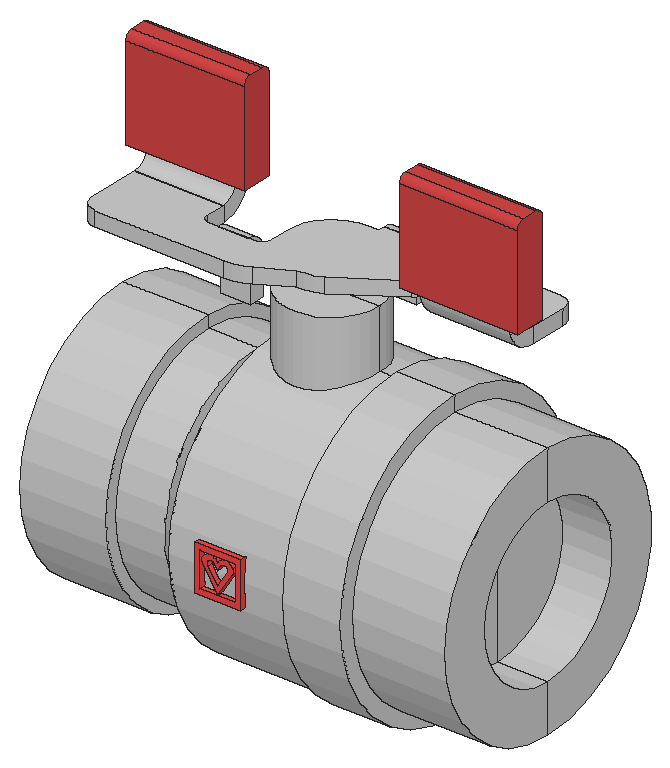
Revit family "HERZ Ball valve with T-handle (sheet steel) 2201", category Rohrzubehör, Revit 2019
Family settings
  Bemaßung runder Anschluss = Durchmesser verwenden
  Teiletyp = Unterbricht
  OmniClass-Nummer = 23.65.55.14
  OmniClass-Titel = Valves for Liquid Services
  Arbeitsebenenbasiert = Nein
  Immer vertikal = Ja
  Beim Laden mit Abzugskörper schneiden = Nein
  Gemeinsam genutzt = Nein
Parameters
  Weight [instance] = if(Nennweite = 15 mm, 0.17, if(Nennweite = 20 mm, 0.246, if(Nennweite = 25 mm, 0.458, if(Nennweite = 32 mm, 0.712, 0))))  # 0.712
  Spindle seals = "PTFE"  # constant formula
  Spindle = "machined brass according to EN 12164, CW614N"  # constant formula
  Part number [instance] = size_lookup("2201_3X_", "Artnr", 0, Nennweite)  # 1220134
  Min. operating temperature (water) = 0.5 °C  # constant formula
  Min. operating temperature = -30 °C  # constant formula
  Medium = "Heating water quality according to ÖNORM H5195 or VDI-Standard 2035.\r\nThe use of ethylene or propylene glycol in a mixing ratio 25- 50% is allowed."
  Max. operating temperature (water - no steam) = 110 °C  # constant formula
  Max. operating pressure (screw connection) = 1600000.0 Pa  # constant formula
  W01 = 135.00°  # constant formula
  URL = "www.herzvalves.com"
  SCRNSEQ = "ARM;ARM_TYP=\"ABVS\";2"
  SCRNCODE = "05;10;02"  # constant formula
  S02 [instance] = 2 * D01  # 51 mm
  S01 [instance] = L01 + L02 + L06  # 84.5 mm
  R01 [instance] = size_lookup("2201_3X_", "R1", 1 mm, Nennweite)  # 9.5 mm
  Nennweite [instance] = 32 mm
  Max. operating temperature = 150 °C  # constant formula
  Max. operating pressure = 2500000.0 Pa  # constant formula
  L06 [instance] = size_lookup("2201_3X_", "L6", 1 mm, Nennweite)  # 18.5 mm
  L05 [instance] = size_lookup("2201_3X_", "L5", 1 mm, Nennweite)  # 34.8 mm
  L04 [instance] = size_lookup("2201_3X_", "L4", 1 mm, Nennweite)  # 11.5 mm
  L03 [instance] = size_lookup("2201_3X_", "L3", 1 mm, Nennweite)  # 17 mm
  L02 [instance] = size_lookup("2201_3X_", "L2", 1 mm, Nennweite)  # 24.5 mm
  L01 [instance] = size_lookup("2201_3X_", "L1", 1 mm, Nennweite)  # 41.5 mm
  Internal threaded connectors = "according to ISO 228-1"  # constant formula
  IG [instance] = Nennweite / 2  # 16 mm
  Hersteller = "HERZ Armaturen Ges.m.b.H"  # constant formula
  Handle = "T-handle, red, sheet steel - plated"  # constant formula
  H01 [instance] = size_lookup("2201_3X_", "H1", 1 mm, Nennweite)  # 39 mm
  GT1 [instance] = size_lookup("2201_3X_", "GT1", 1 mm, Nennweite)  # 10 mm
  GT [instance] = size_lookup("2201_3X_", "GT", 1 mm, Nennweite)  # 16 mm
  Field of application = "HERZ ball valves have to be used as shut off elements.\r\nField of application are building services, such as heating or chilled water plants.\r\nBall valves are used wherever the medium flow has to be reliably closed.\r\nBall valve should not be used as regulating element so it has to be fully opened or fully closed (the handle should not be in intermediate position)."
  DN25-DN32 [instance] = if(Nennweite = 25 mm, 38 mm, 43 mm)  # 43 mm
  DN25+DN32 [instance] = or(Nennweite = 25 mm, Nennweite = 32 mm)  # yes
  DN15-DN20 [instance] = if(Nennweite = 15 mm, 28 mm, 31 mm)  # 31 mm
  DN15+DN20 [instance] = or(Nennweite = 15 mm, Nennweite = 20 mm)  # no
  D05 [instance] = size_lookup("2201_3X_", "D5", 1 mm, Nennweite)  # 25.55 mm
  D04 [instance] = size_lookup("2201_3X_", "D4", 1 mm, Nennweite)  # 27.5 mm
  D03 [instance] = size_lookup("2201_3X_", "D3", 1 mm, Nennweite)  # 28.5 mm
  D02 [instance] = size_lookup("2201_3X_", "D2", 1 mm, Nennweite)  # 23.2 mm
  D01 [instance] = size_lookup("2201_3X_", "D1", 1 mm, Nennweite)  # 25.5 mm
  Body = "forged brass according to EN 12165, nickel plated, CW617N"  # constant formula
  Ball seals = "PTFE"  # constant formula
  Ball = "forged brass according to EN 12165, hollow, full bore, hard chrome plated, CW617N"  # constant formula
  Application = "HERZ ball valve MODUL is designed for building services such as heating and chilled water plants.\r\nThe operating conditions (temperature, pressure) should be constant."
Reference planes
  plane 1 "Mitte (Vorne/hinten)": y = 0
  plane 2: z = 0
  plane 3 "Mitte (Links/rechts)": x = 0
Forms (mm)
  Revolve 1, solid, material "Messing, vernickelt", detail levels fine
    sketch origin (0, 0, 0) x (1, 0, 0) y (0, 0, 1)
      loop
        line (24.5, 25.55) -> (24.5, 28.5) -> (13, 28.5) -> (13, 27.5) -> (-10.3, 27.5) -> (-14.6, 23.2) -> (-24.5, 23.2) -> (-24.5, 25.5) -> (-41.5, 25.5) -> (-41.5, 16) -> (-25.5, 16) -> (-25.5, 0) -> (33, 0) -> (33, 16) -> (43, 16) -> (43, 25.55) -> (24.5, 25.55)
      axis (-41.5, 0) -> (43, 0)
    angle from 0 to 360
  Revolve 2, solid, material "Messing, vernickelt", detail levels fine
    sketch origin (0, 0, 0) x (1, 0, 0) y (0, 0, 1)
      loop
        line (0, 0) -> (5.522, 0) -> (5.522, 8.202) -> (9.5, 8.202) -> (9.5, 39) -> (0, 39) -> (0, 0)
      axis (0, 39) -> (0, 0)
    angle from 0 to 360
Lines and regions (mm)
  model lines, detail levels coarse+medium
    curve 1: line (-42.25, 25.5, 0) -> (-42.25, -25.5, 0)
    curve 2: line (-42.25, -25.5, 0) -> (42.25, 25.5, 0)
    curve 3: line (42.25, 25.5, 0) -> (42.25, -25.5, 0)
    curve 4: line (42.25, -25.5, 0) -> (-42.25, 25.5, 0)
    curve 5: circle (0, 0, 0) r 25.5 normal (0, 0, 1)
    curve 6: line (-25.25, 0, 25.5) -> (-25.25, 0, -25.5)
    curve 7: line (-25.25, 0, -25.5) -> (59.25, 0, 25.5)
    curve 8: line (59.25, 0, 25.5) -> (59.25, 0, -25.5)
    curve 9: line (59.25, 0, -25.5) -> (-25.25, 0, 25.5)
    curve 10: circle (0, 0, 0) r 25.5 normal (0, -1, 0)
Dimensions and locks
  "L01": Revolve 1 sketch curve to plane 3 "Mitte (Links/rechts)"
  "L02": Revolve 1 sketch curve to plane 3 "Mitte (Links/rechts)"
  "D01": Revolve 1 sketch curve to plane 2
  "D02": Revolve 1 sketch curve to plane 2
  "L03": Revolve 1 sketch curve to Revolve 1 sketch curve
  "GT": Revolve 1 sketch curve to Revolve 1 sketch curve
  "IG": Revolve 1 sketch curve to plane 2
  "R01": Revolve 2 sketch curve to plane 3 "Mitte (Links/rechts)"
  "H01": Revolve 2 sketch curve to plane 2
  "D03": Revolve 1 sketch curve to plane 2
  "D04": Revolve 1 sketch curve to plane 2
  "L04": Revolve 1 sketch curve to Revolve 1 sketch curve
  "L05": Revolve 1 sketch curve to Revolve 1 sketch curve
  "IG": Revolve 1 sketch curve to Revolve 1 sketch curve
  "GT1": Revolve 1 sketch curve to Revolve 1 sketch curve
  "L06": Revolve 1 sketch curve to Revolve 1 sketch curve
  "D05": Revolve 1 sketch curve to Revolve 1 sketch curve
  "D04": nested 1 to plane 1 "Mitte (Vorne/hinten)"
  equal spacing: curve 2, plane 1 "Mitte (Vorne/hinten)", curve 4
  equal spacing: curve 4, plane 1 "Mitte (Vorne/hinten)", curve 3
  "S02": curve 4 to curve 2
  "S02": curve 3 to curve 4
  equal spacing: curve 1, plane 3 "Mitte (Links/rechts)", curve 3
  "S01": curve 1 to curve 3
  "S02": curve 9 to curve 7
  equal spacing: curve 9, plane 2, curve 7
  equal spacing: curve 8, plane 2, curve 9
  "S02": curve 8 to curve 9
  curve 6 to curve 8 = 84.5 mm
  "S01": curve 6 to curve 8
  "DN15-DN20": nested 2 to plane 2
  "DN25-DN32": nested 3 to plane 2
  "S02": diameter of curve 5
  "S02": diameter of curve 10
  "W01": angle Revolve 1 sketch curve to Revolve 1 sketch curve
  aligned and locked: level to plane 2
Automatic sketch dimensions
  curve 10 to level = 0 mm
  curve 10 to plane 3 "Mitte (Links/rechts)" = 0 mm
  curve 6 to plane 3 "Mitte (Links/rechts)" = 25.25 mm
  plane 1 "Mitte (Vorne/hinten)" to curve 5 = 0 mm
  curve 5 to plane 3 "Mitte (Links/rechts)" = 0 mm
  Revolve 1 sketch curve to level = 0 mm  (x2)
  Revolve 1 sketch curve to Revolve 1 sketch curve = 1481.63 mm
  Revolve 1 sketch curve to Revolve 1 sketch curve = 1814.648 mm
  Revolve 2 sketch curve to level = 0 mm
  Revolve 2 sketch curve to plane 3 "Mitte (Links/rechts)" = 0 mm  (x2)
  plane 3 "Mitte (Links/rechts)" to Revolve 2 sketch curve = 5.522 mm
  level to Revolve 2 sketch curve = 8.202 mm
  Revolve 2 sketch curve to Revolve 2 sketch curve = 366.045 mm
  Revolve 2 sketch curve to Revolve 2 sketch curve = 2190.315 mm
Nested families
  nested 1: "Herz-Logo-vorne" at (0, -27.5, 0) x (0, 1, 0) z (0, 0, 1), type "Herz-Logo-vorne", detail levels fine
  nested 2: "Knebelgriff (Blech) DN15-DN20" at (0, 0, 31), visible <- "DN15+DN20", type "Knebelgriff (Blech) DN15-DN20"
  nested 3: "Knebelgriff (Blech) DN25-DN32" at (0, 0, 43), visible <- "DN25+DN32", type "Knebelgriff (Blech) DN25-DN32"
Connectors
  piping at (6.5, 0, 0), diameter 32, driven by "Nennweite"
    settings: on Revolve 1, index 1, connector inside diameter 609.6 mm, connector length 0 mm, flow factor 0, pipe flow 0.0 L/s, pressure drop 0.0 Pa, fitting loss kfactor 0, connector angle 0.00°, fixture units 0, engagement length 0 mm, angle of deflection 0.00°, flow configuration 0, flow direction 0, fitting loss method 0, system type 7, joint type 0, gender type 0, connector reference index -1, connector utility 0, adjustable connector no, is connector primary yes, connector description ""
  piping at (-25.5, 0, 0), diameter 32, driven by "Nennweite"
    settings: on Revolve 1, index 2, connector inside diameter 609.6 mm, connector length 0 mm, flow factor 0, pipe flow 0.0 L/s, pressure drop 0.0 Pa, fitting loss kfactor 0, connector angle 0.00°, fixture units 0, engagement length 0 mm, angle of deflection 0.00°, flow configuration 0, flow direction 0, fitting loss method 0, system type 7, joint type 0, gender type 0, connector reference index -1, connector utility 0, adjustable connector no, is connector primary no, connector description ""
Definition of nested family "Herz-Logo-vorne"
  Reference planes
    plane 1 "Mitte (Vorne/hinten)": y = 0
    plane 2: z = 0
    plane 3 "Mitte (Links/rechts)": x = 0
  Forms (mm)
    Extrusion 1, solid
      sketch origin (0.732, -0.018, 0.017) x (0, -1, 0) y (0, 0, 1)
        loop
          line (-0.018, -4.517) -> (4.482, -4.517) -> (4.482, 4.483) -> (-4.518, 4.483) -> (-4.518, -4.517) -> (-0.018, -4.517)
        loop
          line (-0.05, -3.48) -> (3.482, -3.48) -> (3.482, 3.483) -> (-3.518, 3.483) -> (-3.518, -3.48) -> (-0.05, -3.48)
        loop
          arc (-0.018, 2.383) -> (-1.543, 3.287) -> (-3.067, 2.383) r 1.738
          arc (-3.067, 2.383) -> (-3.191, 1.899) -> (-3.067, 1.415) r 1.009
          line (-3.067, 1.415) -> (-0.018, -3.281) -> (3.032, 1.415)
          arc (3.032, 1.415) -> (3.156, 1.899) -> (3.032, 2.383) r 1.009
          arc (3.032, 2.383) -> (1.507, 3.287) -> (-0.018, 2.383) r 1.738
        loop
          arc (1.885, 1.272) -> (2.005, 1.675) -> (1.885, 2.079) r 0.74
          arc (1.885, 2.079) -> (1.265, 2.416) -> (0.644, 2.079) r 0.74
          line (0.644, 2.079) -> (-0.018, 0.97) -> (-0.679, 2.079)
          arc (-0.679, 2.079) -> (-1.3, 2.416) -> (-1.921, 2.079) r 0.74
          arc (-1.921, 2.079) -> (-2.04, 1.675) -> (-1.921, 1.272) r 0.74
          line (-1.921, 1.272) -> (-0.018, -1.658) -> (1.885, 1.272)
      from 0 to 1.5
  Dimensions and locks
    aligned and locked: level to plane 2
Definition of nested family "Knebelgriff (Blech) DN15-DN20"
  Reference planes
    plane 1 "Mitte (Vorne/hinten)": y = 0
    plane 2: z = 0
    plane 3 "Mitte (Links/rechts)": x = 0
  Forms (mm)
    Extrusion 1, solid, detail levels fine
      sketch origin (0, 0, 0) x (1, 0, 0) y (0, 1, 0)
        loop
          line (-7, 0) -> (-7, -3.8)
          arc (-7, -3.8) -> (-7.439, -4.861) -> (-8.5, -5.3) r 1.5
          line (-8.5, -5.3) -> (-14.5, -5.3)
          arc (-14.5, -5.3) -> (-15.561, -4.861) -> (-16, -3.8) r 1.5
          line (-16, -3.8) -> (-16, 0) -> (-28, 0) -> (-28, -8.1)
          arc (-28, -8.1) -> (-27.121, -10.221) -> (-25, -11.1) r 3
          line (-25, -11.1) -> (-3.453, -11.1)
          arc (-3.453, -11.1) -> (-2.496, -10.91) -> (-1.685, -10.368) r 2.5
          line (-1.685, -10.368) -> (4.443, -4.24)
          arc (4.443, -4.24) -> (5.743, -2.295) -> (6.2, 0) r 6
          arc (6.2, 0) -> (6.64, 1.06) -> (7.7, 1.499) r 1.5
          line (7.7, 1.499) -> (15.1, 1.499)
          arc (15.1, 1.499) -> (16.16, 1.06) -> (16.6, 0) r 1.5
          line (16.6, 0) -> (28.6, 0) -> (28.6, 4)
          arc (28.6, 4) -> (27.721, 6.121) -> (25.6, 7) r 3
          line (25.6, 7) -> (0, 7)
          arc (0, 7) -> (-4.95, 4.95) -> (-7, 0) r 7
      from 0 to 2.5
    Extrusion 2, solid, detail levels fine
      sketch origin (0, 0, 0) x (0, 1, 0) y (0, 0, 1)
        loop
          arc (2.5, 5) -> (1.768, 3.232) -> (0, 2.5) r 2.5
          line (0, 2.5) -> (0, 0)
          arc (0, 0) -> (3.536, 1.464) -> (5, 5) r 5
          line (5, 5) -> (5, 6) -> (2.5, 6) -> (2.5, 5)
      from -28 to -16
    Extrusion 3, solid, detail levels fine
      sketch origin (0, 5.3, 0) x (0, 1, 0) y (0, 0, 1)
        loop
          line (-7.8, 5) -> (-7.8, 6) -> (-10.3, 6) -> (-10.3, 5)
          arc (-10.3, 5) -> (-8.836, 1.464) -> (-5.3, 0) r 5
          line (-5.3, 0) -> (-5.3, 2.5)
          arc (-5.3, 2.5) -> (-7.068, 3.232) -> (-7.8, 5) r 2.5
      from 16.6 to 28.6
    Extrusion 4, solid, detail levels fine
      sketch origin (0, 0, 0) x (0, 1, 0) y (0, 0, 1)
        loop
          line (5.75, 6) -> (5.75, 17.041)
          arc (5.75, 17.041) -> (5.469, 17.719) -> (4.791, 18) r 0.959
          line (4.791, 18) -> (2.773, 18)
          arc (2.773, 18) -> (2.05, 17.7) -> (1.75, 16.977) r 1.023
          line (1.75, 16.977) -> (1.75, 6) -> (5.75, 6)
      from -29.7 to -14.3
    Extrusion 5, solid, detail levels fine
      sketch origin (0, 0, 0) x (0, 1, 0) y (0, 0, 1)
        loop
          line (-5.75, 6) -> (-1.75, 6) -> (-1.75, 17)
          arc (-1.75, 17) -> (-2.043, 17.707) -> (-2.75, 18) r 1
          line (-2.75, 18) -> (-4.75, 18)
          arc (-4.75, 18) -> (-5.457, 17.707) -> (-5.75, 17) r 1
          line (-5.75, 17) -> (-5.75, 6)
      from 30.3 to 14.9
    Extrusion 6, solid, detail levels fine
      sketch origin (0, 0, 0) x (0, 1, 0) y (0, 0, 1)
        loop
          line (9, -2) -> (9, -8) -> (11.5, -8) -> (11.5, -2)
          arc (11.5, -2) -> (10.182, 1.182) -> (7, 2.5) r 4.5
          line (7, 2.5) -> (7, 0)
          arc (7, 0) -> (8.414, -0.586) -> (9, -2) r 2
      from 8.1 to 2.1
    Extrusion 7, solid, detail levels fine
      sketch origin (0, 0, 0) x (0, 1, 0) y (0, 0, 1)
        loop
          line (-4.3, -1) -> (-4.3, -8) -> (-1.8, -8) -> (-1.8, -1)
          arc (-1.8, -1) -> (-2.825, 1.475) -> (-5.3, 2.5) r 3.5
          line (-5.3, 2.5) -> (-5.3, 0)
          arc (-5.3, 0) -> (-4.593, -0.293) -> (-4.3, -1) r 1
      from -14.5 to -8.5
  Dimensions and locks
    aligned and locked: level to plane 2
Definition of nested family "Knebelgriff (Blech) DN25-DN32"
  Reference planes
    plane 1 "Mitte (Vorne/hinten)": y = 0
    plane 2: z = 0
    plane 3 "Mitte (Links/rechts)": x = 0
  Forms (mm)
    Extrusion 1, solid, detail levels fine
      sketch origin (0, 0, 0) x (1, 0, 0) y (0, 1, 0)
        loop
          arc (0, 9) -> (-6.364, 6.364) -> (-9, 0) r 9
          line (-9, 0) -> (-9, -4.1)
          arc (-9, -4.1) -> (-9.439, -5.161) -> (-10.5, -5.6) r 1.5
          line (-10.5, -5.6) -> (-20, -5.6)
          arc (-20, -5.6) -> (-21.061, -5.161) -> (-21.5, -4.1) r 1.5
          line (-21.5, -4.1) -> (-21.5, 0) -> (-39.1, 0) -> (-39.1, -10.6)
          arc (-39.1, -10.6) -> (-38.221, -12.721) -> (-36.1, -13.6) r 3
          line (-36.1, -13.6) -> (-10.5, -13.6)
          arc (-10.5, -13.6) -> (-8.037, -13.275) -> (-5.742, -12.323) r 9.5
          line (-5.742, -12.323) -> (0, -9)
          arc (0, -9) -> (2.463, -8.675) -> (4.758, -7.723) r 9.5
          line (4.758, -7.723) -> (16.029, -0.25)
          arc (16.029, -0.25) -> (16.522, 0.291) -> (16.7, 1) r 1.5
          arc (16.7, 1) -> (17.139, 2.061) -> (18.2, 2.5) r 1.5
          line (18.2, 2.5) -> (20.9, 2.5)
          arc (20.9, 2.5) -> (21.961, 2.061) -> (22.4, 1) r 1.5
          line (22.4, 1) -> (22.4, 0) -> (40, 0) -> (40, 7.5)
          arc (40, 7.5) -> (39.121, 9.621) -> (37, 10.5) r 3
          line (37, 10.5) -> (2.1, 10.5) -> (2.1, 9) -> (0, 9)
      from 0 to 3
    Extrusion 2, solid, detail levels fine
      sketch origin (0, 0, 0) x (0, 1, 0) y (0, 0, 1)
        loop
          arc (3, 6) -> (2.121, 3.879) -> (0, 3) r 3
          line (0, 3) -> (0, 0)
          arc (0, 0) -> (4.243, 1.757) -> (6, 6) r 6
          line (6, 6) -> (3, 6)
      from -39.1 to -21.5
    Extrusion 3, solid, detail levels fine
      sketch origin (0, 0, 0) x (0, 1, 0) y (0, 0, 1)
        loop
          arc (0, 3) -> (-2.121, 3.879) -> (-3, 6) r 3
          line (-3, 6) -> (-6, 6)
          arc (-6, 6) -> (-4.243, 1.757) -> (0, 0) r 6
          line (0, 0) -> (0, 3)
      from 22.4 to 40
    Extrusion 4, solid, detail levels fine
      sketch origin (0, 0, 0) x (0, 1, 0) y (0, 0, 1)
        loop
          line (7.5, 6) -> (7.5, 24.5)
          arc (7.5, 24.5) -> (7.061, 25.561) -> (6, 26) r 1.5
          line (6, 26) -> (3, 26)
          arc (3, 26) -> (1.939, 25.561) -> (1.5, 24.5) r 1.5
          line (1.5, 24.5) -> (1.5, 6) -> (7.5, 6)
      from -42.05 to -18.55
    Extrusion 5, solid, detail levels fine
      sketch origin (0, 0, 0) x (0, 1, 0) y (0, 0, 1)
        loop
          line (-7.5, 6) -> (-1.5, 6) -> (-1.5, 24.5)
          arc (-1.5, 24.5) -> (-1.939, 25.561) -> (-3, 26) r 1.5
          line (-3, 26) -> (-6, 26)
          arc (-6, 26) -> (-7.061, 25.561) -> (-7.5, 24.5) r 1.5
          line (-7.5, 24.5) -> (-7.5, 6)
      from 19.45 to 42.95
    Extrusion 6, solid, detail levels fine
      sketch origin (0, 0, 0) x (0, 1, 0) y (0, 0, 1)
        loop
          arc (14, -0.5) -> (12.975, 1.975) -> (10.5, 3) r 3.5
          line (10.5, 3) -> (10.5, 0)
          arc (10.5, 0) -> (10.854, -0.146) -> (11, -0.5) r 0.5
          line (11, -0.5) -> (11, -9) -> (14, -9) -> (14, -0.5)
      from 2.1 to 8.1
    Extrusion 7, solid, detail levels fine
      sketch origin (0, -16.1, 0) x (0, 1, 0) y (0, 0, 1)
        loop
          arc (14, -0.5) -> (12.975, 1.975) -> (10.5, 3) r 3.5
          line (10.5, 3) -> (10.5, 0)
          arc (10.5, 0) -> (10.854, -0.146) -> (11, -0.5) r 0.5
          line (11, -0.5) -> (11, -9) -> (14, -9) -> (14, -0.5)
      from -12 to -18
  Dimensions and locks
    aligned and locked: level to plane 2
